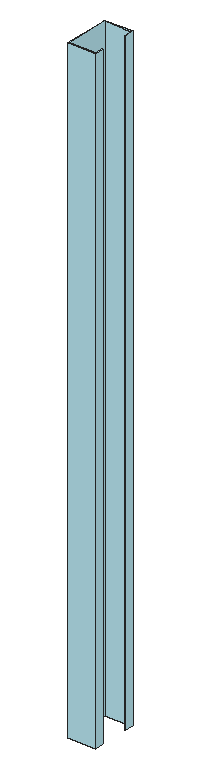
Revit family "(JIS)75×45×15×1.6", category 機械設備, Revit 2020
Family settings
  丸型コネクタ寸法 = 直径を使用
  種別 = なし
  パーツ タイプ = 標準
  作業面ベース = いいえ
  常に垂直 = はい
  ロード時にボイドで切り取り = いいえ
  共有 = いいえ
  部屋計算ポイント = いいえ
Parameters
  製造元 = "株式会社桐井製作所"
  既定の高さ = 0 mm
  URL = "https://www.kirii.co.jp/"
  K_長さ(mm) [instance] = 1000 mm
  K_材質 = "SSC400"
  K_断面積A(mm2) = 295.1
  K_断面係数Zy(mm3) = 3133
  K_断面係数Zx(mm3) = 7237
  K_断面2次半径iy(mm) = 17.2
  K_断面2次半径ix(mm) = 30.3
  K_断面2次モーメントIy(mm4) = 87100
  K_断面2次モーメントIx(mm4) = 271400
  K_外形寸法(mm) = "75×45×15×1.6"
  K_品名 = "(JIS)75×45×15×1.6"
  K_名称 = "補強材"
  K_単位質量(kg/m) = 2.351
  K_ヤング係数E(N/mm2) = 205000
  K_バージョン情報 = "20210524"
  K_めっき付着量 = "Z12"
  K_JIS規格 = "JIS G 3350"
Reference planes
  plane 1 "中心(正面/背面)": y = 0
  plane 2: z = 0
  plane 3 "中心(左/右)": x = 0
  plane 4: z = 1000
  plane 5: y = 75
Forms (mm)
  Extrusion 1, solid
    sketch origin (0, 0, 0) x (1, 0, 0) y (0, 1, 0)
      loop
        line (0, 0) -> (45, 0) -> (45, 15) -> (43.4, 15) -> (43.4, 1.6) -> (1.6, 1.6) -> (1.6, 73.4) -> (43.4, 73.4) -> (43.4, 60) -> (45, 60) -> (45, 75) -> (0, 75) -> (0, 0)
    from 0 to 1000
Dimensions and locks
  "K_長さ(mm)": plane 4 to plane 2
  aligned and locked: level to plane 2
  aligned and locked: plane 4 to Extrusion 1
  aligned and locked: plane 5 to Extrusion 1
Automatic sketch dimensions
  Extrusion 1 sketch curve to plane 3 "中心(左/右)" = 0 mm
  plane 1 "中心(正面/背面)" to Extrusion 1 sketch curve = 0 mm
  plane 3 "中心(左/右)" to Extrusion 1 sketch curve = 1.6 mm
  Extrusion 1 sketch curve to plane 1 "中心(正面/背面)" = 1.6 mm
  Extrusion 1 sketch curve to Extrusion 1 sketch curve = 1.6 mm  (x3)
  Extrusion 1 sketch curve to Extrusion 1 sketch curve = 13.4 mm  (x2)
  Extrusion 1 sketch curve to Extrusion 1 sketch curve = 45 mm
  Extrusion 1 sketch curve to Extrusion 1 sketch curve = 41.8 mm  (x2)
